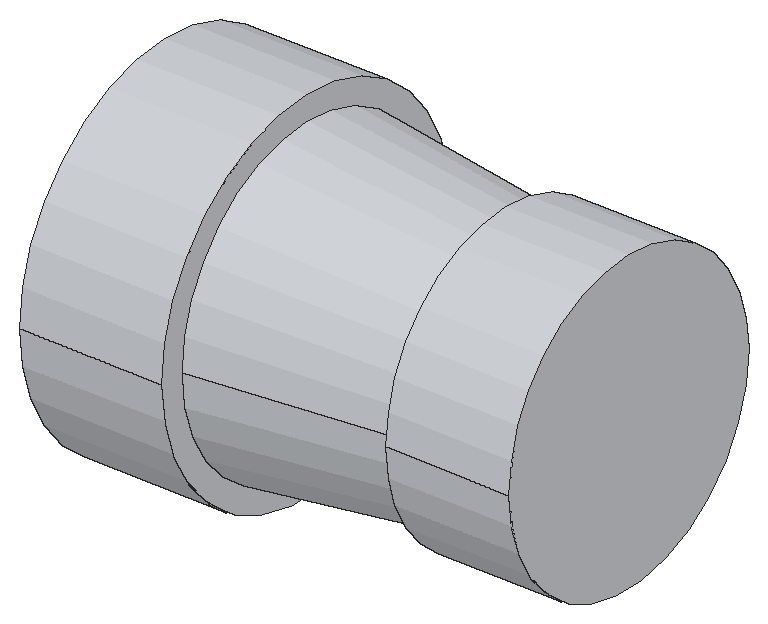
Revit family "b53e38021e4640509724f3bc55b8024d", category Pipe Fittings, Revit 2021
Family settings
  Round Connector Dimension = Use Radius
  Part Type = Transition
  OmniClass Number = 23.60.30.11.14
  OmniClass Title = Pipework Fittings
  Seek Item ID = Coupling Concentric Reducing - Threaded - MI - Class 300-0000-USA-ENU
  Work Plane-Based = No
  Always vertical = Yes
  Cut with Voids When Loaded = No
  Shared = No
Parameters (values of type "Standard")
  Visibility 3 [instance] = Nominal Radius 1 = Nominal Radius 2  # no
  Visibility 2 [instance] = Nominal Radius 1 < Nominal Radius 2  # no
  Visibility 1 [instance] = Nominal Radius 1 > Nominal Radius 2  # yes
  Tick Size 2 [instance] = Fitting Outside Diameter 2 * 0.4  # 0.32913"
  Tick Size 1 [instance] = Fitting Outside Diameter 1 * 0.4  # 0.38898"
  Nominal Radius 2 [instance] = 1/8"
  Nominal Diameter 2 [instance] = Nominal Radius 2 * 2  # 1/4"
  Metal Thickness 2 [instance] = size_lookup(Lookup Table Name, "MThk", 0.07 * Nominal Diameter 2 + 1/8", Nominal Diameter 2)  # 0.14173"
  Max Nominal Diameter 12 [instance] = if(Nominal Radius 1 > Nominal Radius 2, Nominal Diameter 1, Nominal Diameter 2)  # 3/8"
  Loss Method = K Coefficient from Table
  Lookup Table Name = "Coupling Concentric Reducing - Threaded - MI - Class 300"
  Length [instance] = size_lookup(Lookup Table Name, "Lgt", 1 * Max Nominal Diameter 12 + 1 21/256", Nominal Diameter 1, Nominal Diameter 2)  # 1.44094"
  Nominal Radius 1 [instance] = 3/16"
  Nominal Diameter 1 [instance] = Nominal Radius 1 * 2  # 3/8"
  Metal Thickness 1 [instance] = size_lookup(Lookup Table Name, "MThk", 0.07 * Nominal Diameter 1 + 1/8", Nominal Diameter 1)  # 0.14961"
  K Coefficient Table = "Contracting/Enlarging Transition"
  Fitting Outside Radius 2 [instance] = Fitting Outside Diameter 2 / 2  # 0.41142"
  Fitting Outside Radius 1 [instance] = Fitting Outside Diameter 1 / 2  # 0.48622"
  Fitting Outside Diameter 2 [instance] = Fitting Inside Diameter 2 + Metal Thickness 2 * 2  # 0.82283"
  Fitting Outside Diameter 1 [instance] = Fitting Inside Diameter 1 + Metal Thickness 1 * 2  # 0.97244"
  Fitting Inside Diameter 2 [instance] = size_lookup(Lookup Table Name, "FID", 1.03 * Nominal Diameter 2 + 37/128", Nominal Diameter 2)  # 0.53937"
  Fitting Inside Diameter 1 [instance] = size_lookup(Lookup Table Name, "FID", 1.03 * Nominal Diameter 1 + 37/128", Nominal Diameter 1)  # 0.67323"
  Default Elevation = 0' - 0"
  Band Width 2 [instance] = size_lookup(Lookup Table Name, "BWid", 0.2 * Nominal Diameter 2 + 107/256", Nominal Diameter 2)  # 0.38189"
  Band Width 1 [instance] = size_lookup(Lookup Table Name, "BWid", 0.2 * Nominal Diameter 1 + 107/256", Nominal Diameter 1)  # 0.44094"
  Band Outside Radius 2 [instance] = Band Outside Diameter 2 / 2  # 0.46457"
  Band Outside Radius 1 [instance] = Band Outside Diameter 1 / 2  # 0.56102"
  Band Outside Diameter 2 [instance] = size_lookup(Lookup Table Name, "BOD", 1.27 * Nominal Diameter 2 + 11/16", Nominal Diameter 2)  # 0.92913"
  Band Outside Diameter 1 [instance] = size_lookup(Lookup Table Name, "BOD", 1.27 * Nominal Diameter 1 + 11/16", Nominal Diameter 1)  # 1.12205"
  Band Insulation Width 2 [instance] = if(Band Width 2 > Length, Length, Band Width 2)  # 0.38189"
  Band Insulation Width 1 [instance] = if(Band Width 1 > Length, Length, Band Width 1)  # 0.44094"
Reference planes (in)
  plane 1 "Center (Front/Back)": y = 0
  plane 2: z = 0
  plane 3 "Center (Left/Right)": x = 0
  plane 4: x = 0.44094
  plane 5: x = 1.05906
  plane 6: x = 1.44094
  plane 7: x = 0.44094
  plane 8: x = 1.05906
Forms (in)
  Extrusion 1, solid, detail levels fine
    sketch origin (0, 0, 0) x (0, 1, 0) y (0, 0, 1)
      loop
        circle (0, 0) r 0.56102
    from 0 to 0.44094
  Extrusion 2, solid, detail levels fine
    sketch origin (0, 0, 0) x (0, 1, 0) y (0, 0, 1)
      loop
        circle (0, 0) r 0.46457
    from 1.05906 to 1.44094
  Blend 3, solid, detail levels fine
    base sketch origin (0, 0, 0) x (0, 1, 0) y (0, 0, 1)
      loop
        circle (0, 0) r 0.48622
    top sketch origin (0, 0, 0) x (0, 1, 0) y (0, 0, 1)
      loop
        circle (0, 0) r 0.41142
    from 0.44094 to 1.05906
Cuts and joins
  joined: Extrusion 1, Extrusion 2, Blend 3
Lines and regions (in)
  model lines, visible <- "Visibility 3", detail levels coarse+medium
    curve 1: line (1.44094, 0, 0) -> (0, 0, 0)
  model lines, detail levels coarse+medium
    curve 2: line (0, 0.38898, 0) -> (0, -0.38898, 0)
    curve 3: line (1.44094, 0.32913, 0) -> (1.44094, -0.32913, 0)
  model lines, visible <- "Visibility 1", detail levels coarse+medium
    curve 4: line (0, 0.38898, 0) -> (1.44094, 0, 0)
    curve 5: line (0, -0.38898, 0) -> (1.44094, 0, 0)
  model lines, visible <- "Visibility 2", detail levels coarse+medium
    curve 6: line (0, 0, 0) -> (1.44094, 0.32913, 0)
    curve 7: line (0, 0, 0) -> (1.44094, -0.32913, 0)
Dimensions and locks (in)
  equal spacing: curve 2, plane 1 "Center (Front/Back)", curve 2
  equal spacing: curve 3, plane 1 "Center (Front/Back)", curve 3
  "Tick Size 1": plane 1 "Center (Front/Back)" to curve 2
  "Tick Size 2": plane 1 "Center (Front/Back)" to curve 3
  "Band Width 2": plane 5 to plane 6
  "Length": plane 3 "Center (Left/Right)" to plane 6
  "Band Width 1": plane 3 "Center (Left/Right)" to plane 4
  "Band Insulation Width 1": plane 3 "Center (Left/Right)" to plane 7
  "Band Insulation Width 2": plane 8 to plane 6
  "Band Outside Radius 1": radius of Extrusion 1 sketch curve
  "Band Outside Radius 2": radius of Extrusion 2 sketch curve
  "Fitting Outside Radius 1": radius of Blend 3 sketch curve
  "Fitting Outside Radius 2": radius of Blend 3 sketch curve
  aligned and locked: plane 2 to Extrusion 1 sketch curve
  aligned and locked: plane 1 "Center (Front/Back)" to Extrusion 1 sketch curve
  aligned and locked: plane 1 "Center (Front/Back)" to Extrusion 2 sketch curve
  aligned and locked: plane 2 to Extrusion 2 sketch curve
  aligned and locked: curve 1 to plane 1 "Center (Front/Back)"
  aligned and locked: plane 1 "Center (Front/Back)" to Blend 3 sketch curve  (x2)
  aligned and locked: plane 2 to Blend 3 sketch curve  (x2)
  aligned and locked: cut or joined group of Extrusion 1, Extrusion 2, Blend 3 to plane 6
  aligned and locked: plane 5 to cut or joined group of Extrusion 1, Extrusion 2, Blend 3
  aligned and locked: cut or joined group of Extrusion 1, Extrusion 2, Blend 3 to plane 5
  aligned and locked: plane 4 to cut or joined group of Extrusion 1, Extrusion 2, Blend 3
  aligned and locked: Extrusion 1 to plane 4
  aligned and locked: Extrusion 1 to plane 3 "Center (Left/Right)"
  aligned and locked: curve 2 to plane 3 "Center (Left/Right)"
  aligned and locked: plane 6 to curve 3
Connectors (in)
  piping at (0, 0, 0), diameter 0.375, driven by "Nominal Radius 1"
    settings: on Extrusion 1, index 1, connector inside diameter 3/8", connector length 0' - 0", flow factor 0, pipe flow 0 GPM, pressure drop 0.00 psi, fitting loss kfactor 0, connector angle 0.00°, fixture units 0, engagement length 0' - 0", angle of deflection 0.00°, flow configuration 0, flow direction 0, fitting loss method 0, system type 28, joint type 0, gender type 0, connector reference index 2, connector utility 0, adjustable connector no, is connector primary yes, connector description ""
  piping at (1.44094, 0, 0), diameter 0.25, driven by "Nominal Radius 2"
    settings: on Extrusion 2, index 2, connector inside diameter 1/4", connector length 0' - 0", flow factor 0, pipe flow 0 GPM, pressure drop 0.00 psi, fitting loss kfactor 0, connector angle 0.00°, fixture units 0, engagement length 0' - 0", angle of deflection 0.00°, flow configuration 0, flow direction 0, fitting loss method 0, system type 28, joint type 0, gender type 0, connector reference index 1, connector utility 0, adjustable connector no, is connector primary no, connector description ""
